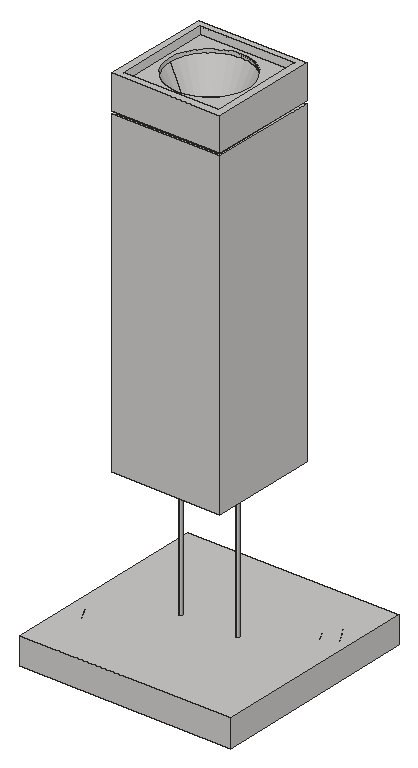
Revit family "CLighting-Luminii-Leto_44_Mini_P_UD", category Lighting Fixtures, host Face, Revit 2020
Family settings
  Host = Face
  Round Connector Dimension = Use Diameter
  Part Type = Normal
  OmniClass Number = 23.80.70.11.14.17
  OmniClass Title = Direct/Indirect
  Cut with Voids When Loaded = No
  Light Source = Yes
  Shared = Yes
  Room Calculation Point = No
Parameters (values of type "Medium")
  Width = 2.50"  # constant formula
  Wattage Comments = "20W"
  Wattage = 20 W
  Warranty URL = "https://www.luminii.com/terms-conditions/"
  built-in parameter 1150110 = 1 (stored number, unit not read)
  Voltage Comments = "120V | 277V | 347V"  # constant formula
  Voltage = 120 V
  Version = "2020 - v1.0a"  # constant formula
  URL = "https://www.luminii.com/"
  built-in parameter 1114217 = 1 (stored number, unit not read)
  Tilt Angle = -90.00°  # constant formula
  built-in parameter 1150109 = 1 (stored number, unit not read)
  built-in parameter 1150134 = (empty or 0)
  Suspension Distance [instance] = if(Desired Suspension Distance < 3.29", 3.29", if(Desired Suspension Distance > 72.00", 72.00", Desired Suspension Distance))  # 3.29"
  built-in parameter 1150113 = 1 (stored number, unit not read)
  Support Phone = "224-699-9545"  # constant formula
  Support Email = "mailto:support@bimsmith.com"
  Product Page URL = "https://www.luminii.com/product/leto-44-mini-p-ud/"
  Power Source Type = "Driver"  # constant formula
  Power Factor = 1
  Photometric Web File = "730-M-A90-660-35-0505-00.IES"
  Phase = 1
  Operating Temperature = "Consult Manufacturer Website for more Information"  # constant formula
  Number of Poles = if(and(or(Voltage = 120 V, Voltage = 277 V), Phase = 1), 1, if(and(or(Voltage = 208 V, Voltage = 240 V), Phase = 1), 2, if(and(or(Voltage = 208 V, Voltage = 240 V), Phase = 3), 3, if(and(Voltage > 300 V, Phase = 1), 2, if(and(Voltage > 400 V, Phase = 3), 3, 1)))))  # 1
  Mounting Method = "Ceiling Mounted"  # constant formula
  Model = if(Constraints = 1, "730-S", if(Constraints = 2, "730-M", if(Constraints = 3, "730-L", "N/A")))  # "730-M"
  Manufacturer Phone Number = "403-216-7043"  # constant formula
  Manufacturer Email = "mailto: info@sensolighting.com"
  Manufacturer Address = "302 50 Ave SE. Calgary, Alberta, T2G 2A9 Canada"  # constant formula
  Manufacturer = "Luminii"  # constant formula
  built-in parameter 1150105 = 159.15 (stored number, unit not read)
  Lumens = 2000 lm
  Luminaire Type = "Small Square Direct/Indirect Pendant"  # constant formula
  built-in parameter 1150115 = 1 (stored number, unit not read)
  Load Classification = Lighting
  built-in parameter 1150137 = (empty or 0)
  built-in parameter 1150139 = (empty or 0)
  Lens Material = Plastic - Luminii - Frosted Lens
  Length Comments [instance] = "Perfomance based on 1\" Photometric Web File"  # constant formula
  Length [instance] = if(Constraints = 1, 2.87402", if(Constraints = 2, 8.2874", if(Constraints = 3, 13.62205", 2.87402")))  # 8.2874"
  built-in parameter 1150112 = 1 (stored number, unit not read)
  built-in parameter 1150114 = 1 (stored number, unit not read)
  Lamp Life = 1
  Lamp = "LED"  # constant formula
  Keynote = "26 50 00"
  built-in parameter 1150132 = 2
  built-in parameter 1150102 = (empty or 0)
  built-in parameter 1150107 = 3500 (stored number, unit not read)
  Initial Color Comments = "Perfomance based on 3500K Photometric Web File"  # constant formula
  built-in parameter 1150138 = (empty or 0)
  Up/Down Light [instance] = yes
  built-in parameter 1150106 = 1.5915 (stored number, unit not read)
  Housing Protection Rating = "Consult Manufacturer Website for more Information"  # constant formula
  Has Dimming = 1 = 1  # yes
  Has Battery Backup = 0 = 1  # no
  Frequency Comments = ""  # constant formula
  Frequency = 60 Hz
  Finish = Metal - Luminii - Silver Anodized Aluminum
  Environment = "Indoor"  # constant formula
  built-in parameter 1150104 = 9.2903 (stored number, unit not read)
  Dimming Type = "Consult Manufacturer Website for more Information"  # constant formula
  Dimming Lamp Color Temperature Shift = <None>
  Desired Suspension Distance [instance] = 3.29"  # constant formula
  Description = "Small Square Direct/Indirect Pendant"  # constant formula
  Depth = 2.50"  # constant formula
  Default Elevation = 0.00"  # constant formula
  Current Amps = 50 A
  Copyright = "©2023 Luminii"  # constant formula
  Control Zone = "Consult Manufacturer Website for more Information"  # constant formula
  Control Type = "Consult Manufacturer Website for more Information"  # constant formula
  Constraints = 2
  Color Filter = 16777215
  built-in parameter 1114216 [instance] = 0  # (empty or 0)
  built-in parameter 1140040 [instance] = 1 = 1  # 1
  CCT = "3500K"
  built-in parameter 1114218 = 1 (stored number, unit not read)
  built-in parameter 1150133 = 10 (stored number, unit not read)
  Assembly Code = "D5020230"
  Apparent Load = Wattage / Power Factor  # 20 VA
Types (3): name | Photometric Web File | Model | Length | Constraints
  Medium | "730-M-A90-660-35-0505-00.IES" | "730-M" | 8.2874" | 2
  Small | "730-S-A90-660-35-0505-00.IES" | "730-S" | 2.87402" | 1
  Large | "730-L-A90-660-35-0505-DL.IES" | "730-L" | 13.62205" | 3
Reference planes (in)
  plane 1 "Center (Front/Back)": y = 0
  plane 2: z = 0
  plane 3 "Center (Left/Right)": x = 0
  plane 4: x = -1.25
  plane 5: x = 1.25
  plane 6: y = 1.25
  plane 7: y = -1.25
  plane 8: y = 2.44094
  plane 9: y = -2.44094
  plane 10: x = -2.44094
  plane 11: x = 2.44094
Forms (in)
  Extrusion 1, solid, material "Metal - Luminii - Silver Anodized Aluminum", not visible, detail levels fine
    sketch origin (0, 0, 0) x (1, 0, 0) y (0, 1, 0)
      loop
        circle (0, 0) r 0.5
    from 0 to -0.17225
  Sweep 2, solid, material "Metal - Luminii - Silver Anodized Aluminum" <- "Finish"
    path origin (0, 1.24288, 2.16406) x (0, 1, 0) y (-1, 0, 0)
      loop
        line (1.19806, 2.44094) -> (-3.68383, 2.44094) -> (-3.68383, -2.44094) -> (1.19806, -2.44094) -> (1.19806, 2.44094)
    profile origin (0, 2.44094, 2.16406) x (0, 1, 0) y (0, 0, 1)
      loop
        line (-0.1, -1.53414) -> (-0.1, -2.16406) -> (0, -2.16406) -> (-0.0055, -1.53414) -> (-0.1, -1.53414)
  Extrusion 3, solid, material "Metal - Luminii - Silver Anodized Aluminum" <- "Finish"
    sketch origin (0, 0, 0) x (1, 0, 0) y (0, 1, 0)
      loop
        circle (0, 0) r 2.34094
      loop
        circle (0, 0) r 2.42764
      loop
        circle (0, 0) r 2.06306
      loop
        circle (0, 0) r 1.41352
    from 0 to 0.62992
  Extrusion 4, solid, material "Metal - Luminii - Silver Anodized Aluminum" <- "Finish", detail levels fine
    sketch origin (0, 0, 0) x (1, 0, 0) y (0, 1, 0)
      loop
        line (-0.49213, 1.90748) -> (-0.49213, 0.69153) -> (-1.45669, 0.43307) -> (-1.45669, -0.43307) -> (-0.49213, -0.69153) -> (-0.49213, -1.90748) -> (0.49213, -1.90748) -> (0.49213, -0.69153) -> (1.45669, -0.43307) -> (1.45669, 0.43307) -> (0.49213, 0.69153) -> (0.49213, 1.90748) -> (-0.49213, 1.90748)
    from 0 to -0.05976
  Extrusion 5, solid, material "Metal - Luminii - Silver Anodized Aluminum" <- "Finish", detail levels fine
    sketch origin (0, 0, 0) x (1, 0, 0) y (0, 1, 0)
      loop
        circle (0, 0) r 0.5
    from -0.35433 to -0.05976
  Extrusion 6, solid, material "Metal - Luminii - Silver Anodized Aluminum" <- "Finish"
    sketch origin (0, 0, 0) x (0, 1, 0) y (1, 0, 0)
      loop
        line (2.34094, 2.34094) -> (-2.34094, 2.34094) -> (-2.34094, -2.34094) -> (2.34094, -2.34094) -> (2.34094, 2.34094)
    from -0.62992 to -0.58878
  Extrusion 7, solid, material "Metal - Luminii - Silver Anodized Aluminum" <- "Finish"
    sketch origin (0, 1.24288, 2.16406) x (0, 1, 0) y (-1, 0, 0)
      loop
        circle (-1.24288, 0.65962) r 0.035
      loop
        circle (-1.24288, -0.65962) r 0.035
    from -1.53414 to 1.7179
Cuts and joins
  joined: Sweep 2, Extrusion 3, Extrusion 6
Lines and regions (in)
  model lines, detail levels fine
    curve 1: arc (-1.05305, -1.52152, 0) -> (-0.72745, -1.61114, 0) -> (-0.94697, -1.35451, 0) r 0.1766
    curve 2: arc (-1.43909, -0.8127, 0) -> (-1.5653, -0.7902, 0) -> (-1.61121, -0.9099, 0) r 0.10065
    curve 3: arc (-1.43909, 0.8127, 0) -> (-1.5653, 0.7902, 0) -> (-1.61121, 0.9099, 0) r 0.10065
    curve 4: arc (-0.8127, 1.43909, 0) -> (-0.7902, 1.5653, 0) -> (-0.9099, 1.61121, 0) r 0.10065
    curve 5: arc (-1.43909, -0.8127, 0) -> (-1.2234, -1.11119, 0) -> (-0.94697, -1.35451, 0) r 1.65271
    curve 6: arc (-1.61121, -0.9099, 0) -> (-1.36678, -1.24733, 0) -> (-1.05305, -1.52152, 0) r 1.85038
    curve 7: arc (-0.8127, 1.43909, 0) -> (-1.16864, 1.16864, 0) -> (-1.43909, 0.8127, 0) r 1.65271
    curve 8: arc (-0.9099, 1.61121, 0) -> (-1.30842, 1.30842, 0) -> (-1.61121, 0.9099, 0) r 1.85038
    curve 9: arc (1.43909, 0.8127, 0) -> (1.5653, 0.7902, 0) -> (1.61121, 0.9099, 0) r 0.10065
    curve 10: arc (0.8127, 1.43909, 0) -> (0.7902, 1.5653, 0) -> (0.9099, 1.61121, 0) r 0.10065
    curve 11: arc (0.8127, 1.43909, 0) -> (1.16864, 1.16864, 0) -> (1.43909, 0.8127, 0) r 1.65271
    curve 12: arc (0.9099, 1.61121, 0) -> (1.30842, 1.30842, 0) -> (1.61121, 0.9099, 0) r 1.85038
    curve 13: arc (1.52152, -1.05305, 0) -> (1.61114, -0.72745, 0) -> (1.35451, -0.94697, 0) r 0.1766
    curve 14: arc (0.8127, -1.43909, 0) -> (0.7902, -1.5653, 0) -> (0.9099, -1.61121, 0) r 0.10065
    curve 15: arc (0.8127, -1.43909, 0) -> (1.11119, -1.2234, 0) -> (1.35451, -0.94697, 0) r 1.65271
    curve 16: arc (0.9099, -1.61121, 0) -> (1.24733, -1.36678, 0) -> (1.52152, -1.05305, 0) r 1.85038
  reference lines
    curve 17: line (-0.37509, 7.18545, 0.62992) -> (-0.37509, -5.06455, 0.62992)
    curve 18: line (-0.37509, 7.18545, 3.91992) -> (-0.37509, -5.06455, 3.91992)
    curve 19: line (-0.37509, 7.18545, 12.20732) -> (-0.37509, -5.06455, 12.20732)
Dimensions and locks (in)
  equal spacing: plane 4, plane 3 "Center (Left/Right)", plane 5
  equal spacing: plane 6, plane 1 "Center (Front/Back)", plane 7
  "Depth": plane 6 to plane 7
  "Width": plane 4 to plane 5
  plane 8 to Sweep 2 sketch curve = 0.10"
  locked: Extrusion 7 sketch curve to plane 3 "Center (Left/Right)" at 0.65962
  locked: plane 3 "Center (Left/Right)" to Extrusion 7 sketch curve at 0.65962
  locked: imposter light to curve 19 at 0.93854
  locked: curve 17 to host face at 0.62992
  "Desired Suspension Distance": curve 17 to curve 18
  "Length": curve 18 to curve 19
  aligned and locked: plane 2 to host face
  aligned and locked: plane 3 "Center (Left/Right)" to Extrusion 1 sketch curve
  aligned and locked: plane 1 "Center (Front/Back)" to Extrusion 1 sketch curve
  aligned and locked: plane 2 to Extrusion 1  (x2)
  aligned and locked: imposter light to plane 3 "Center (Left/Right)"
  aligned and locked: plane 3 "Center (Left/Right)" to nested 1
  aligned and locked: plane 1 "Center (Front/Back)" to nested 1
  aligned and locked: plane 8 to Sweep 2 sketch curve
  aligned and locked: plane 10 to Sweep 2 sketch curve
  aligned and locked: plane 9 to Sweep 2 sketch curve
  aligned and locked: plane 11 to Sweep 2 sketch curve
  aligned and locked: plane 1 "Center (Front/Back)" to Extrusion 7 sketch curve  (x2)
  aligned and locked: curve 18 to nested 1
  aligned and locked: nested 2 to curve 18
  aligned and locked: nested 2 to plane 1 "Center (Front/Back)"
  aligned and locked: plane 3 "Center (Left/Right)" to nested 2
Automatic sketch dimensions
  host sketch curve to host sketch curve = 96.00"  (x2)
  Sweep 2 sketch curve to profile plane = 0.00"
  profile plane to Sweep 2 sketch curve = 0.0055"
  Sweep 2 sketch curve to profile plane = 2.16406"
  Sweep 2 sketch curve to Sweep 2 sketch curve = 0.62992"
  Extrusion 3 sketch curve to Extrusion 3 sketch curve = 0.00"  (x12)
  plane 1 "Center (Front/Back)" to Extrusion 3 sketch curve = 0.00"
  Extrusion 3 sketch curve to plane 3 "Center (Left/Right)" = 0.00"
  plane 3 "Center (Left/Right)" to Extrusion 4 sketch curve = 0.49213"  (x2)
  plane 9 to Extrusion 4 sketch curve = 0.53346"
  Extrusion 4 sketch curve to plane 4 = 0.20669"
  Extrusion 4 sketch curve to plane 3 "Center (Left/Right)" = 0.49213"  (x2)
  plane 5 to Extrusion 4 sketch curve = 0.20669"
  plane 7 to Extrusion 4 sketch curve = 0.55847"  (x2)
  plane 1 "Center (Front/Back)" to Extrusion 4 sketch curve = 0.43307"  (x2)
  Extrusion 4 sketch curve to plane 1 "Center (Front/Back)" = 0.43307"  (x2)
  Extrusion 4 sketch curve to plane 6 = 0.55847"  (x2)
  plane 6 to Extrusion 4 sketch curve = 0.65748"
  plane 1 "Center (Front/Back)" to Extrusion 5 sketch curve = 0.00"
  Extrusion 5 sketch curve to plane 3 "Center (Left/Right)" = 0.00"
  curve 5 to curve 6 = 0.00"  (x4)
  curve 5 to curve 7 = 0.00"  (x4)
  curve 5 to curve 8 = 0.00"  (x4)
  curve 5 to curve 11 = 0.00"  (x4)
  curve 5 to curve 12 = 0.00"  (x4)
  curve 5 to curve 15 = 0.00"  (x3)
  curve 5 to curve 16 = 0.00"  (x3)
  curve 8 to curve 15 = 0.00"  (x3)
  curve 15 to curve 16 = 0.00"  (x3)
  curve 2 to curve 3 = 0.00"
  curve 3 to curve 4 = 0.63797"  (x2)
  curve 2 to curve 1 = 0.63929"
  curve 1 to curve 8 = 0.87652"
  curve 5 to curve 10 = 0.87784"
  curve 5 to curve 14 = 0.87784"
  curve 10 to curve 9 = 0.63797"
  curve 14 to curve 13 = 0.63861"
  curve 1 to curve 14 = 0.00065"
  curve 1 to curve 2 = 0.63861"
  curve 14 to curve 13 = 0.63929"
  curve 13 to curve 8 = 0.87652"
  curve 15 to curve 3 = 0.87784"
  curve 15 to curve 9 = 0.87784"
  curve 9 to curve 10 = 0.63797"
  curve 8 to curve 3 = 0.0954"
  curve 2 to curve 2 = 0.0954"
  curve 3 to curve 3 = 0.07672"
  curve 2 to curve 5 = 0.07672"
  curve 6 to curve 1 = 0.17653"
  curve 5 to curve 1 = 0.07044"
  curve 8 to curve 4 = 0.03206"
  curve 4 to curve 7 = 0.06514"
  curve 10 to curve 10 = 0.06514"
  curve 15 to curve 14 = 0.06514"
  curve 14 to curve 14 = 0.03206"
  curve 10 to curve 12 = 0.03206"
  curve 13 to curve 13 = 0.16194"
  curve 11 to curve 9 = 0.07672"
  curve 13 to curve 13 = 0.00507"
  curve 9 to curve 12 = 0.0954"
  curve 6 to curve 7 = 0.00"  (x2)
  curve 6 to curve 8 = 0.00"  (x2)
  curve 6 to curve 11 = 0.00"  (x2)
  curve 6 to curve 12 = 0.00"  (x2)
  curve 6 to curve 15 = 0.00"  (x2)
  curve 6 to curve 16 = 0.00"  (x2)
  curve 7 to curve 8 = 0.00"  (x2)
  curve 7 to curve 11 = 0.00"  (x2)
  curve 7 to curve 12 = 0.00"  (x2)
  curve 7 to curve 15 = 0.00"  (x2)
  curve 7 to curve 16 = 0.00"  (x2)
  curve 8 to curve 11 = 0.00"  (x2)
  curve 8 to curve 12 = 0.00"  (x2)
  curve 8 to curve 16 = 0.00"  (x2)
  curve 11 to curve 12 = 0.00"  (x2)
  curve 11 to curve 15 = 0.00"  (x2)
  curve 11 to curve 16 = 0.00"  (x2)
  curve 12 to curve 15 = 0.00"  (x2)
  curve 12 to curve 16 = 0.00"  (x2)
  Extrusion 6 sketch curve to Extrusion 6 sketch curve = 4.68189"  (x2)
  curve 17 to plane 9 = 2.62361"
  curve 18 to plane 9 = 2.62361"
  curve 19 to plane 9 = 2.62361"
  curve 19 to plane 8 = 4.7445"
  curve 18 to plane 8 = 4.7445"
  curve 17 to curve 18 = 0.00"
  radius of Extrusion 1 sketch curve = 0.50"
  radius of Extrusion 3 sketch curve = 2.34094"
  radius of Extrusion 3 sketch curve = 2.42764"
  radius of Extrusion 3 sketch curve = 2.06306"
  radius of Extrusion 3 sketch curve = 1.41352"
  radius of Extrusion 5 sketch curve = 0.50"
  radius of Extrusion 7 sketch curve = 0.035"  (x2)
Nested families (in)
  nested 1: "Nested - Lamp" at (0, 0, 3.91992), type "Nested - Lamp"
    with Height 8.2874", Constraint 2
  nested 2: "Nested - Light Source" at (0, 0, 3.91992) x (1, 0, 0) z (0, 0, -1), type "Default"
    with Wattage 20 W, Lumens 2000 lm
Connectors (in)
  electrical at (0, 0, 0), driven by "Number of Poles", driven by "Load Classification", driven by "Voltage", driven by "Apparent Load", driven by "Power Factor"
    settings: on Extrusion 1, index 1, voltage 120 V, apparent load 20 VA, apparent load phase1 0 VA, apparent load phase2 0 VA, apparent load phase3 0 VA, power factor 1, load classification "Lighting", number of poles 1, system type 30, power factor state 1, is connector primary yes, connector utility no, sub classification motor no, connector description "Power Connection"
Definition of nested family "Nested - Lamp"
  Parameters (values of type "Nested - Lamp")
    Screen Material = none
    Inner Screen = none
    Indirect Light = yes
    Height = if(Constraint = 1, 2.87402", if(Constraint = 2, 8.2874", if(Constraint = 3, 13.62205", 2.87402")))  # 13.62205"
    Finish = none
    Default Elevation = 48.00"
    Constraint = 3
  Reference planes (in)
    plane 1 "Center (Front/Back)": y = 0
    plane 2: z = 0
    plane 3 "Center (Left/Right)": x = 0
    plane 4: y = 1.25
    plane 5: y = -1.25
    plane 6: x = -1.25
    plane 7: x = 1.25
    plane 8: z = 13.62205
  Forms (in)
    Extrusion 1, solid
      sketch origin (0, 0, 0) x (1, 0, 0) y (0, 1, 0)
        loop
          line (-48, 48) -> (-48, -48) -> (48, -48) -> (48, 48) -> (-48, 48)
      from 0 to -12
    Sweep 2, solid, material <- "Finish"
      path origin (-0.03362, 1.25, 13.62205) x (0, 1, 0) y (-1, 0, 0)
        loop
          line (0, -1.28362) -> (0, 1.21638) -> (-2.5, 1.21638) -> (-2.5, -1.28362) -> (0, -1.28362)
      profile origin (1.25, 0, 13.62205) x (1, 0, 0) y (0, 0, 1)
        loop
          line (-0.23866, -0.10827) -> (-0.27803, -0.10827) -> (-0.27803, -0.98831) -> (0, -0.98831) -> (0, -0.84646) -> (-0.05906, -0.84646) -> (-0.05906, -0.7874) -> (0, -0.7874) -> (0, 0) -> (-0.14718, 0) -> (-0.18209, -0.24836) -> (-0.22146, -0.24836) -> (-0.23866, -0.10827)
    Revolve 3, solid
      sketch origin (-0.49058, 0, 12.63373) x (1, 0, 0) y (0, 0, 1)
        loop
          line (0.98116, -0.01969) -> (1.02442, 0.05524) -> (1.09056, 0.05524) -> (1.40417, 0.72777) -> (1.40417, 0.8023) -> (1.07049, 0.08674) -> (1.00624, 0.08674) -> (0.96298, 0.01181) -> (0.49058, 0.01181) -> (0.49058, -0.01969) -> (0.98116, -0.01969)
        axis (0.49058, 0.8023) -> (0.49058, -0.01969)
      angle from 0 to 360
    Extrusion 4, solid, material <- "Screen Material"
      sketch origin (0, 0, 12.64555) x (1, 0, 0) y (0, 1, 0)
        loop
          circle (0, 0) r 0.27714
      from 0 to 0.01969
    Extrusion 5, solid, material <- "Finish"
      sketch origin (-0.03362, 1.25, 13.62205) x (0, 1, 0) y (-1, 0, 0)
        loop
          line (0, 1.21638) -> (-2.5, 1.21638) -> (-2.5, -1.28362) -> (0, -1.28362) -> (0, 1.21638)
        loop
          line (-2.44094, 1.15732) -> (-2.44094, -1.22457) -> (-0.05906, -1.22457) -> (-0.05906, 1.15732) -> (-2.44094, 1.15732)
      from -13.62205 to -0.98831
    Extrusion 6, solid, material <- "Finish"
      sketch origin (-0.03362, 1.25, 13.62205) x (0, 1, 0) y (-1, 0, 0)
        loop
          line (-2.44094, 1.15732) -> (-2.44094, -1.22457) -> (-0.05906, -1.22457) -> (-0.05906, 1.15732) -> (-2.44094, 1.15732)
      from -13.60095 to -13.50394
    Revolve 7, solid, material <- "Finish"
      sketch origin (0, 0, 0) x (1, 0, 0) y (0, 0, 1)
        loop
          line (-0.65962, -0.03796) -> (-0.65962, 0.0211) -> (-0.89274, 0.0211) -> (-0.89274, -0.03796) -> (-0.65962, -0.03796)
        axis (-0.65962, 0.0211) -> (-0.65962, -0.03796)
      angle from 0 to 360
    Revolve 8, solid, material <- "Finish"
      sketch origin (0, 0, 0) x (-1, 0, 0) y (0, 0, 1)
        loop
          line (-0.65962, -0.03796) -> (-0.65962, 0.0211) -> (-0.89274, 0.0211) -> (-0.89274, -0.03796) -> (-0.65962, -0.03796)
        axis (-0.65962, 0.0211) -> (-0.65962, -0.03796)
      angle from 0 to 360
    Extrusion 9, solid, material <- "Screen Material", visible <- "Indirect Light"
      sketch origin (-0.65962, 0, 0.0211) x (0, 1, 0) y (-1, 0, 0)
        loop
          line (0.97441, -1.26002) -> (0.97441, -0.05923)
          arc (0.97441, -0.05923) -> (0.95711, -0.01747) -> (0.91535, -0.00017) r 0.05906
          line (0.91535, -0.00017) -> (0.35214, -0.00017)
          arc (0.35214, -0.00017) -> (0.32589, -0.0102) -> (0.31301, -0.03517) r 0.03937
          arc (0.31301, -0.03517) -> (0, -0.31513) -> (-0.31301, -0.03517) r 0.31496
          arc (-0.31301, -0.03517) -> (-0.32589, -0.0102) -> (-0.35214, -0.00017) r 0.03937
          line (-0.35214, -0.00017) -> (-0.91535, -0.00017)
          arc (-0.91535, -0.00017) -> (-0.95711, -0.01747) -> (-0.97441, -0.05923) r 0.05906
          line (-0.97441, -0.05923) -> (-0.97441, -1.26002)
          arc (-0.97441, -1.26002) -> (-0.95711, -1.30177) -> (-0.91535, -1.31907) r 0.05906
          line (-0.91535, -1.31907) -> (-0.35214, -1.31907)
          arc (-0.35214, -1.31907) -> (-0.32589, -1.30905) -> (-0.31301, -1.28408) r 0.03937
          arc (-0.31301, -1.28408) -> (0, -1.00411) -> (0.31301, -1.28408) r 0.31496
          arc (0.31301, -1.28408) -> (0.32589, -1.30905) -> (0.35214, -1.31907) r 0.03937
          line (0.35214, -1.31907) -> (0.91535, -1.31907)
          arc (0.91535, -1.31907) -> (0.95711, -1.30177) -> (0.97441, -1.26002) r 0.05906
      from 0 to -0.01969
    Extrusion 10, solid, material <- "Finish"
      sketch origin (0.97197, 0.97197, 13.51378) x (0, -1, 0) y (1, 0, 0)
        loop
          line (1.94394, -1.94394) -> (1.94394, 0) -> (0, 0) -> (0, -1.94394) -> (1.94394, -1.94394)
        loop
          circle (0.97197, -0.97197) r 0.91358
      from 0 to -0.7874
  Cuts and joins
    joined: Sweep 2, Extrusion 5, Extrusion 10
  Lines and regions (in)
    reference lines
      curve 1: line (-0.49058, 0, 12.63373) -> (1.84174, 0, 12.63373)
  Dimensions and locks (in)
    locked: curve 1 to plane 8 at 0.98831
    "Height": plane 8 to Extrusion 1
    Extrusion 6 to Extrusion 6 to plane 2 = 0.09701" locked, 0.0211" locked
    aligned and locked: plane 2 to Extrusion 1
    aligned and locked: level to Extrusion 1
    aligned and locked: Sweep 2 sketch curve to plane 7
    aligned and locked: plane 6 to Sweep 2 sketch curve
    aligned and locked: Sweep 2 sketch curve to plane 4
    aligned and locked: plane 5 to Sweep 2 sketch curve
    aligned and locked: Extrusion 5 sketch curve to plane 4
    aligned and locked: plane 6 to Extrusion 5 sketch curve
    aligned and locked: Extrusion 5 sketch curve to plane 7
    aligned and locked: plane 5 to Extrusion 5 sketch curve
    aligned and locked: Extrusion 5 to level
    aligned and locked: Extrusion 5 to curve 1
  Automatic sketch dimensions
    Extrusion 1 sketch curve to Extrusion 1 sketch curve = 96.00"  (x2)
    curve 1 to plane 3 "Center (Left/Right)" = 0.49058"
    plane 7 to curve 1 = 0.59174"
    Extrusion 5 sketch curve to plane 5 = 0.05906"
    Extrusion 5 sketch curve to plane 4 = 0.05906"
    Extrusion 5 sketch curve to plane 7 = 0.05906"
    Extrusion 5 sketch curve to plane 6 = 0.05906"
    Extrusion 6 sketch curve to plane 5 = 0.05906"
    Extrusion 6 sketch curve to plane 4 = 0.05906"
    Extrusion 6 sketch curve to plane 7 = 0.05906"
    Extrusion 6 sketch curve to plane 6 = 0.05906"
    Revolve 7 sketch curve to level = 0.03796"
    Revolve 7 sketch curve to plane 6 = 0.35726"
    Revolve 7 sketch curve to Revolve 7 sketch curve = 0.23312"
    level to Revolve 7 sketch curve = 0.0211"
    Revolve 7 sketch curve to Revolve 7 sketch curve = 0.00"  (x2)
    Revolve 7 sketch curve to Revolve 7 sketch curve = 0.0598"
    level to Revolve 8 sketch curve = 0.03796"
    plane 7 to Revolve 8 sketch curve = 0.35726"
    Revolve 8 sketch curve to Revolve 8 sketch curve = 0.23312"
    Revolve 8 sketch curve to level = 0.0211"
    Revolve 8 sketch curve to Revolve 8 sketch curve = 0.00"  (x2)
    Revolve 8 sketch curve to Revolve 8 sketch curve = 0.0598"
    Revolve 7 to Extrusion 9 sketch curve = 0.00"  (x2)
    Revolve 7 to Extrusion 9 sketch curve = 0.35214"  (x2)
    Extrusion 9 sketch curve to Extrusion 9 sketch curve = 0.56322"  (x4)
    Extrusion 9 sketch curve to Extrusion 9 sketch curve = 0.05906"  (x2)
    Extrusion 9 sketch curve to Extrusion 9 sketch curve = 0.35214"
    Extrusion 9 sketch curve to Revolve 7 = 0.35214"
    Extrusion 9 sketch curve to Extrusion 9 sketch curve = 0.00"  (x5)
    Extrusion 9 sketch curve to Extrusion 9 sketch curve = 0.03937"  (x4)
    Extrusion 9 sketch curve to Extrusion 9 sketch curve = 1.20079"  (x2)
    profile plane to Sweep 2 sketch curve = 0.00"  (x2)
    Sweep 2 sketch curve to plane 8 = 0.00"
    Sweep 2 sketch curve to Sweep 2 sketch curve = 0.05906"  (x2)
    Sweep 2 sketch curve to Sweep 2 sketch curve = 0.14718"
    profile plane to Sweep 2 sketch curve = 0.18209"
    Sweep 2 sketch curve to Sweep 2 sketch curve = 0.03937"
    Sweep 2 sketch curve to Sweep 2 sketch curve = 0.0172"
    Sweep 2 sketch curve to Sweep 2 sketch curve = 0.21897"
    Sweep 2 sketch curve to plane 8 = 0.10827"
    Sweep 2 sketch curve to Sweep 2 sketch curve = 0.14009"
    Sweep 2 sketch curve to Sweep 2 sketch curve = 0.53904"
    Sweep 2 sketch curve to Sweep 2 sketch curve = 0.14186"
    Revolve 3 sketch curve to curve 1 = 0.01181"
    curve 1 to Revolve 3 sketch curve = 0.49058"
    Revolve 3 sketch curve to Revolve 3 sketch curve = 0.4724"
    Revolve 3 sketch curve to Revolve 3 sketch curve = 0.01818"  (x2)
    Revolve 3 sketch curve to curve 1 = 0.08674"
    Revolve 3 sketch curve to Revolve 3 sketch curve = 0.04326"
    Revolve 3 sketch curve to Revolve 3 sketch curve = 0.04607"
    Revolve 3 sketch curve to curve 1 = 0.05524"
    Revolve 3 sketch curve to Revolve 3 sketch curve = 0.02007"
    curve 1 to Revolve 3 sketch curve = 0.01969"
    Revolve 3 sketch curve to Revolve 3 sketch curve = 0.00"
    Revolve 3 sketch curve to Revolve 3 sketch curve = 0.26778"
    Revolve 3 sketch curve to Revolve 3 sketch curve = 0.07011"
    Revolve 3 sketch curve to Revolve 3 sketch curve = 0.07453"
    Revolve 3 sketch curve to Revolve 3 sketch curve = 0.64104"
    Revolve 3 sketch curve to Revolve 3 sketch curve = 0.33367"
    Extrusion 10 sketch curve to Sweep 2 = 0.00"  (x3)
    Sweep 2 to Extrusion 10 sketch curve = 0.00"
    Extrusion 10 sketch curve to Sweep 2 = 0.97197"  (x2)
    radius of Extrusion 4 sketch curve to Revolve 3 = 0.19526"
    radius of Extrusion 10 sketch curve = 0.91358"
Definition of nested family "Nested - Light Source"
  Parameters (values of type "Default")
    Wattage = 12.2015 W
    built-in parameter 1150110 = 1 (stored number, unit not read)
    built-in parameter 1114217 = 1 (stored number, unit not read)
    Tilt Angle = 90.00°
    built-in parameter 1150109 = 1 (stored number, unit not read)
    built-in parameter 1150134 = (empty or 0)
    built-in parameter 1150113 = 1 (stored number, unit not read)
    Photometric Web File = "692-A90-66060-35-0707-00.IES"
    built-in parameter 1150105 = 700 (stored number, unit not read)
    Lumens = 700 lm
    built-in parameter 1150115 = 1 (stored number, unit not read)
    built-in parameter 1150137 = (empty or 0)
    built-in parameter 1150139 = (empty or 0)
    built-in parameter 1150112 = 1 (stored number, unit not read)
    built-in parameter 1150114 = 1 (stored number, unit not read)
    built-in parameter 1150132 = 2
    built-in parameter 1150102 = (empty or 0)
    built-in parameter 1150107 = 3500 (stored number, unit not read)
    built-in parameter 1150138 = (empty or 0)
    built-in parameter 1150106 = 7 (stored number, unit not read)
    built-in parameter 1150104 = 5.3298 (stored number, unit not read)
    Dimming Lamp Color Temperature Shift = (empty or 0)
    Default Elevation = 48.00"
    Color Filter = 16777215
    built-in parameter 1114218 = 1 (stored number, unit not read)
    built-in parameter 1150133 = 10 (stored number, unit not read)
  Reference planes (in)
    plane 1 "Center (Front/Back)": y = 0
    plane 2: z = 0
    plane 3 "Center (Left/Right)": x = 0
  Forms (in)
    Extrusion 1, solid
      sketch origin (0, 0, 0) x (1, 0, 0) y (0, 1, 0)
        loop
          line (-48, 48) -> (-48, -48) -> (48, -48) -> (48, 48) -> (-48, 48)
      from 0 to -12
    Extrusion 2, solid, not visible
      sketch origin (0, 0, 0) x (1, 0, 0) y (0, 1, 0)
        loop
          circle (0, 0) r 4
      from 0 to 12
  Dimensions and locks (in)
    aligned and locked: plane 2 to Extrusion 1
    aligned and locked: level to Extrusion 1
